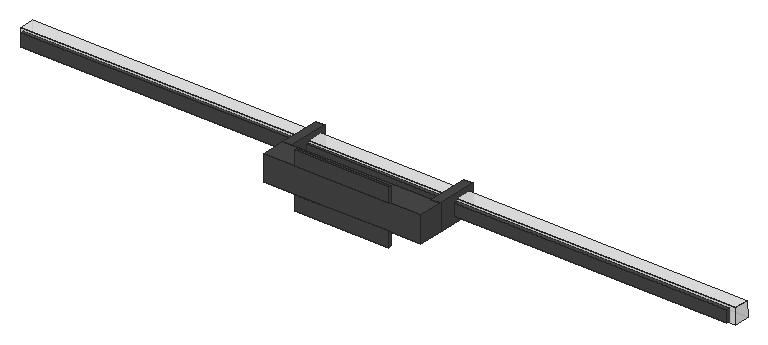
Revit family "3-56-xx Wand wall Sconce", category Lighting Fixtures, host Wall, Revit 2019
Family settings
  Host = Wall
  Round Connector Dimension = Use Diameter
  Part Type = Normal
  OmniClass Number = 23.80.70.00
  OmniClass Title = Lighting
  Always vertical = No
  Cut with Voids When Loaded = No
  Light Source = Yes
  Shared = No
  Room Calculation Point = No
Parameters (values of type "3-56-15 / Black - Matte White Acrylic")
  Wattage Comments = "1 x 40.82 W at 120 V"  # constant formula
  Wattage = 40.82 W
  built-in parameter 1150110 = 1 (stored number, unit not read)
  Voltage Input = "120 V or 277 V - 50/60 Hz"  # constant formula
  Voltage = 120 V
  URL = "www.oxygenlighting.com"
  built-in parameter 1114217 = 1 (stored number, unit not read)
  Tilt Angle = 0.00°
  built-in parameter 1150109 = 1 (stored number, unit not read)
  built-in parameter 1150134 = (empty or 0)
  built-in parameter 1150113 = 1 (stored number, unit not read)
  References = "Ref. 3 = 120 V / Ref. 37 = 277 V"  # constant formula
  Photometric Web File = "Wand 3-56-xx.ies"
  Model = "3-56-xx / Wand Wall Sconce"  # constant formula
  Metal Finish = 15 - Black
  Manufacturer = "Oxygen Lighting and Fans"  # constant formula
  Lumens = 3049.25 lm
  built-in parameter 1150115 = 1 (stored number, unit not read)
  built-in parameter 1150105 = 242.65 (stored number, unit not read)
  built-in parameter 1150137 = (empty or 0)
  built-in parameter 1150139 = (empty or 0)
  built-in parameter 1150112 = 1 (stored number, unit not read)
  built-in parameter 1150114 = 1 (stored number, unit not read)
  Lamp = "LED Array"  # constant formula
  built-in parameter 1150132 = (empty or 0)
  built-in parameter 1150102 = (empty or 0)
  built-in parameter 1150138 = (empty or 0)
  built-in parameter 1150107 = 3000 (stored number, unit not read)
  built-in parameter 1150106 = 2.4265 (stored number, unit not read)
  built-in parameter 1150104 = 6.9399 (stored number, unit not read)
  Dimming Lamp Color Temperature Shift = <None>
  Diffusers = Matte White Acrylic
  Color Filter = 16777215
  built-in parameter 1114218 = 1 (stored number, unit not read)
  built-in parameter 1150133 = 10 (stored number, unit not read)
Types (3, lengths in mm): name | Metal Finish
  3-56-15 / Black - Matte White Acrylic | 15 - Black
  3-56-24 / Satin Nickel - Matte White Acrylic | 24 - Satin Nickel
  3-56-40 / Aged Brass - Matte White Acrylic | 40 - Aged Brass
Reference planes
  plane 1: y = 0
  plane 2 "Light Source Axis (L/R)": x = 125
  plane 3 "Light Source Axis (F/R)": y = 110
  plane 4 "Light Source Elevation": z = 800
  plane 5: y = 75
Text (mm)
  text "Placement side" at (-1787.139, 1116.779, 0), in view "Ref. Level"
  text "Placement side" at (0, 2110.396, 2986.058), in view "Left"
  text "Placement side" at (0, 628.478, 3011.967), in view "Right"
Dimensions and locks
  locked: plane 3 "Light Source Axis (F/R)" to plane 5 at 35
  aligned and locked: plane 1 to host wall
  aligned and locked: plane 5 to host wall
  aligned and locked: plane 2 "Light Source Axis (L/R)" to nested 1
  aligned and locked: nested 1 to plane 5
  aligned and locked: imposter light to nested 1
  aligned and locked: imposter light to plane 2 "Light Source Axis (L/R)"
  aligned and locked: imposter light to plane 4 "Light Source Elevation"
Nested families
  nested 1: "Family2" at (125, 75, 800), type "Family2"
Definition of nested family "Family2"
  Parameters (values of type "Family2")
    Metal Finish 2 = none
    Metal Finish 1 = none
    Diffuser = none
  Reference planes
    plane 1 "Center (Front/Back)": y = 0
    plane 2: z = 0
    plane 3 "Center (Left/Right)": x = 0
  Forms (mm)
    Extrusion 1, solid, material <- "Metal Finish 1"
      sketch origin (0.127, 0, 0.127) x (0, 0, -1) y (0, 1, 0)
        loop
          line (-16.51, 31.75) -> (-16.51, 0) -> (16.51, 0) -> (16.51, 31.75) -> (-16.51, 31.75)
      from -101.6 to 101.6
    Extrusion 2, solid, material <- "Metal Finish 1"
      sketch origin (0.127, 0, 0.127) x (0, 0, -1) y (0, 1, 0)
        loop
          line (35.052, 3.048) -> (16.51, 3.048) -> (16.51, 0) -> (35.052, 0) -> (35.052, 3.048)
        loop
          line (-16.51, 0) -> (-16.51, 3.048) -> (-34.798, 3.048) -> (-34.798, 0) -> (-16.51, 0)
      from -60.452 to 60.452
    Extrusion 3, solid, material <- "Metal Finish 1"
      sketch origin (0.127, 0, 0.127) x (0, 0, -1) y (0, 1, 0)
        loop
          line (-16.51, 84.328) -> (-16.51, 31.75) -> (16.51, 31.75) -> (16.51, 84.328) -> (-16.51, 84.328)
      from 89.408 to 101.6
    Extrusion 4, solid, material <- "Metal Finish 1"
      sketch origin (0.127, 0, 0.127) x (0, 0, -1) y (0, 1, 0)
        loop
          line (-16.51, 84.328) -> (-16.51, 31.75) -> (16.51, 31.75) -> (16.51, 84.328) -> (-16.51, 84.328)
      from -101.6 to -89.916
    Extrusion 5, solid, material <- "Diffuser"
      sketch origin (0.127, 0, 0.127) x (1, 0, 0) y (0, 1, 0)
        loop
          line (462.026, 78.232) -> (101.6, 78.232) -> (101.6, 58.039) -> (462.026, 58.039) -> (462.026, 78.232)
        loop
          line (89.408, 58.039) -> (89.408, 78.232) -> (-89.916, 78.232) -> (-89.916, 58.039) -> (89.408, 58.039)
        loop
          line (-101.6, 78.232) -> (-462.026, 78.232) -> (-462.026, 58.039) -> (-101.6, 58.039) -> (-101.6, 78.232)
      from -10.16 to 10.16
    Extrusion 6, solid, material <- "Metal Finish 1"
      sketch origin (0.127, 0, 0.127) x (1, 0, 0) y (0, 1, 0)
        loop
          line (-457.2, 53.086) -> (-101.6, 53.086) -> (-101.6, 58.039) -> (-457.2, 58.039) -> (-457.2, 53.086)
        loop
          line (-89.916, 53.086) -> (89.408, 53.086) -> (89.408, 58.039) -> (-89.916, 58.039) -> (-89.916, 53.086)
        loop
          line (101.6, 53.086) -> (454.152, 53.086) -> (454.152, 58.039) -> (101.6, 58.039) -> (101.6, 53.086)
      from -7.874 to 8.128
  Dimensions and locks
    aligned and locked: level to plane 2
